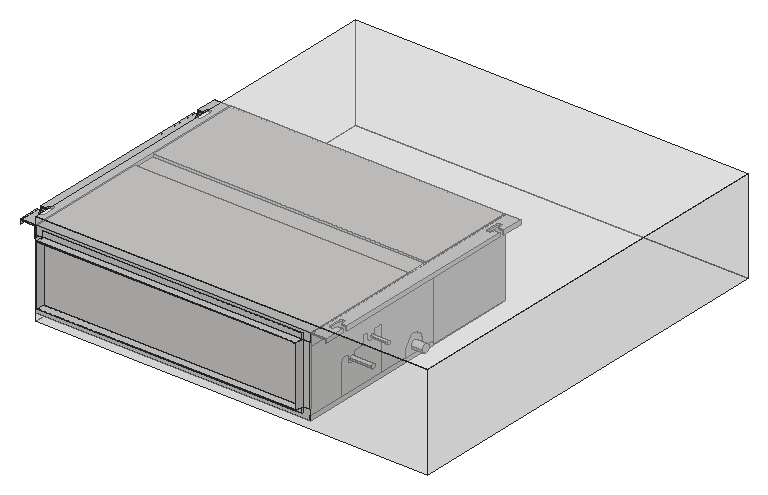
Revit family "outputfile", category 機械設備, Revit 2024
Family settings
  丸型コネクタ寸法 = 半径を使用
  パーツ タイプ = 標準
  OmniClass 番号 = 23.75.10.24.21.27.27
  OmniClass タイトル = Split System Air Conditioning Units
  作業面ベース = いいえ
  常に垂直 = はい
  ロード時にボイドで切り取り = いいえ
  注釈の向きを維持 = いいえ
  共有 = いいえ
  部屋計算ポイント = はい
Parameters (values of type "CDKP35PVM")
  Description = ""
  書き出し IFC クラス(タイプ) = "IfcUnitaryEquipmentType"
  定義済み IFC タイプ(タイプ) = "AIRCONDITIONINGUNIT"
  Cost = 0
  Type Comments = ""
  Keynote = ""
  Type Image = (empty or 0)
  Assembly Code = ""
  switch_frequency = yes
  ld_powersupply = Depth / 2  # 310.0 mm
  製造元 = "Daikin"
  モデル = "CDKP35PVM"
  r_Liquid Pipe Size = Liquid Pipe Size / 2  # 3.2 mm
  r_Gas Pipe Size = Gas Pipe Size / 2  # 4.75 mm
  r_Drain Pipe Size = Drain Pipe Size / 2  # 10.0 mm
  lw_powersupply = 50.0 mm  # constant formula
  lw_ductflange2 = 620.0 mm
  lw_Width = 660.0 mm
  lh_suctionflange [instance] = 100.0 mm  # constant formula
  ld_suctionflange [instance] = if(Rear Connection_Return Air, 190.0 mm, 100.0 mm)  # 190.0 mm
  connector_voltage = Voltage_50Hz  # 230 V
  connector_powerinput = [Power Input (Cooling)]  # 0.000 kW
  connector_phase = Phase_50Hz  # 1
  angle_vertical_RA [instance] = if(Rear Connection_Return Air, 90.00°, 0.00°)  # 90.00°
  angle horizontal_RA [instance] = if(Rear Connection_Return Air, 180.00°, 270.00°)  # 180.00°
  Voltage_comment_50Hz = "220 - 240"
  Voltage_50Hz = 230 V
  URL = ""
  Supply Air Direction [instance] = yes
  Sound Power Level_H speed (dB) = 0
  Rear Connection_Return Air [instance] = not(Bottom Connection_Return Air)  # yes
  RA_length [instance] = if(Rear Connection_Return Air, 190.0 mm, 100.0 mm)  # 190.0 mm
  Phase_50Hz = 1
  Minimum External Static Pressure = 0.00 Pa
  Minimum Circuit Amps_50Hz = 0.0 A
  Maximum Fuse Amps_50Hz = 0.0 A
  Maximum External Static Pressure = 30.00 Pa
  Material_Casing = DAIKIN_GalvanizedSteel_Casing_indoorunit
  lw_liquidpipe = 46.0 mm  # constant formula
  lw_gaspipe = 57.0 mm  # constant formula
  lw_mountinghole = 740.0 mm
  lw_drainpipe = 30.0 mm  # constant formula
  lh_powersupply = 150.0 mm  # constant formula
  lh_liquidpipe = 90.0 mm  # constant formula
  lh_gaspipe = 113.0 mm  # constant formula
  lh_mountinghole = Height  # 200.0 mm
  lh_drainpipe = 170.0 mm  # constant formula
  lh_antena = 1.0 mm  # constant formula
  ld_liquidpipe = 193.0 mm  # constant formula
  ld_gaspipe = 130.0 mm  # constant formula
  ld_mountinghole = 500.0 mm  # constant formula
  ld_drainpipe = 330.0 mm  # constant formula
  ld_controlbox = 626.0 mm  # constant formula
  h*** = 0.0 mm  # constant formula
  d_dischargeflange = 21.2 mm  # constant formula
  Width = 700.0 mm
  Version = "ver.1.0"
  Unit Type = "Duct (L.S.P)"
  Unit Mass Weight = 21.00 kg
  Unit Designation [instance] = ""
  Uniclass2015Version = "Products v1.30"
  Uniclass2015Title = "Split coil room air conditioning units"
  Uniclass2015Code = "Pr_70_65_03_86"
  Total Cooling Capacity [instance] = 0.000 kW
  Sound Pressure Level_M speed (dBA) = 33
  Sound Pressure Level_L speed (dBA) = 29
  Sound Pressure Level_H speed (dBA) = 35
  Series = "Multi Split_Fan Coil Unit"
  Sensible Cooling Capacity [instance] = 0.000 kW
  SA Duct Size Width = 660.0 mm
  SA Duct Size Height = 153.0 mm
  Refrigerant Type = "R32"
  RA Duct Size Width = 580.0 mm
  RA Duct Size Height = 160.0 mm
  Power Input (Cooling) = 0.000 kW
  Option Accessory 3 [instance] = ""
  Option Accessory 2 [instance] = ""
  Option Accessory 1 [instance] = ""
  Nominal Cooling Capacity = 3.500 kW
  Minimum Airflow = 438.00 m³/h
  Median Airflow = 480.00 m³/h
  Maximum Airflow = 522.00 m³/h
  Load Classification = HVAC
  Liquid Pipe Size = 6.4 mm
  Link_Nested Family [instance] = ""
  IfcVersion = ""
  IfcExportType = "AIRCONDITIONINGUNIT"
  IfcExportAs = "IfcUnitaryEquipmentType"
  Height = 200.0 mm
  Heat Exchanger Type = "Cross Fin Coil"
  Gas Pipe Size = 9.5 mm
  Frequency_50Hz = 50 Hz
  Fan Type = "Sirocco Fan"
  Fan Drive = "Direct Drive"
  FCU Tag No. [instance] = ""
  Drain Pipe Size = 20.0 mm
  Design Supply Airflow [instance] = 0.00 m³/h
  Design Return Airflow [instance] = 0.00 m³/h
  Design External Static Pressure [instance] = 0.00 Pa
  Depth = 620.0 mm
  既定の高さ = 0.0 mm
  Cooling Entering Wet Bulb Temperature [instance] = 0.00 °C
  Cooling Entering Dry Bulb Temperature [instance] = 0.00 °C
  Cooling Ambient Wet Bulb Temperature [instance] = 0.00 °C
  Cooling Ambient Dry Bulb Temperature [instance] = 0.00 °C
  Clearance visibility [instance] = yes
  Clearance Top = 20.0 mm
  Clearance Right = 300.0 mm
  Clearance Rear = 400.0 mm
  Clearance Left = 0.0 mm
  Clearance Front = 0.0 mm
  Clearance Bottom = 20.0 mm
  Bottom Connection_Return Air [instance] = no
Reference planes
  plane 1 "Center (Front/Back)": y = 0
  plane 2: z = 0
  plane 3 "Center (Left/Right)": x = 0
  plane 4 "Back": y = 310
  plane 5 "Front": y = -310
  plane 6 "Left": x = -350
  plane 7 "Right": x = 350
  plane 8 "Top": z = 0
  plane 9 "Bottom": z = -200
  plane 10: x = -370
  plane 11: x = 370
  plane 12: y = 250
  plane 13: z = 0
  plane 14 "Clearance Left": x = -350
  plane 15 "Clearance Right": x = 650
  plane 16 "Clearance Rear": y = 710
  plane 17 "Clearance Front": y = -310
  plane 18 "Clearance Top": z = 20
  plane 19 "Clearance Bottom": z = -220
  plane 20: y = -250
  plane 21: z = -21
  plane 22: z = -97.5
  plane 23: x = -40
  plane 24: y = 120
  plane 25: z = -100
  plane 26: y = -180
  plane 27: z = -113
  plane 28: y = -117
  plane 29: z = -90
  plane 30: y = 20
  plane 31: z = -170
  plane 32: x = 407
  plane 33: x = 396
  plane 34: x = 380
  plane 35: x = 300
  plane 36: z = -150
Forms (mm)
  Extrusion 1, solid, material "DAIKIN_GalvanizedSteel_Casing_indoorunit" <- "Material_Casing"
    sketch origin (0, 0, 0) x (1, 0, 0) y (0, 1, 0)
      loop
        line (-350, -310) -> (350, -310) -> (350, 310) -> (-350, 310) -> (-350, -310)
    from -200 to 0
  Extrusion 2, void
    sketch origin (0, 0, 1) x (1, 0, 0) y (0, 1, 0)
      loop
        line (-350, 61.5) -> (-350, 3.5) -> (350, 3.5) -> (350, 61.5) -> (-350, 61.5)
    from -1 to -7
  Extrusion 3, solid, material "DAIKIN_GalvanizedSteel_Casing_indoorunit" <- "Material_Casing", visible <- "Bottom Connection_Return Air"
    sketch origin (0, 0, 0) x (1, 0, 0) y (0, 0, 1)
      loop
        line (269, -200) -> (269, -1) -> (-349, -1) -> (-349, -200) -> (269, -200)
    from -310 to -309
  Extrusion 4, solid, material "DAIKIN_GalvanizedSteel_Casing_indoorunit" <- "Material_Casing", visible <- "Rear Connection_Return Air"
    sketch origin (0, 0, 0) x (1, 0, 0) y (0, 1, 0)
      loop
        line (-349, 310) -> (-349, 111) -> (269, 111) -> (269, 310) -> (-349, 310)
    from -200 to -199
  Extrusion 5, solid, material "DAIKIN_GalvanizedSteel_Casing_indoorunit" <- "Material_Casing"
    sketch origin (350, 0, 0) x (0, 1, 0) y (0, 0, 1)
      loop
        circle (-180, -113) r 4.75
    from 0 to 57
  Extrusion 6, solid, material "DAIKIN_GalvanizedSteel_Casing_indoorunit" <- "Material_Casing"
    sketch origin (350, 0, 0) x (0, 1, 0) y (0, 0, 1)
      loop
        circle (-117, -90) r 3.2
    from 0 to 46
  Extrusion 7, solid, material "DAIKIN_GalvanizedSteel_Casing_indoorunit" <- "Material_Casing"
    sketch origin (350, 0, 0) x (0, 1, 0) y (0, 0, 1)
      loop
        circle (20, -170) r 10
    from 0 to 30
  Extrusion 8, solid, material "DAIKIN_GalvanizedSteel_Casing_indoorunit" <- "Material_Casing"
    sketch origin (350, 0, 0) x (0, 1, 0) y (0, 0, 1)
      loop
        line (-310, -200) -> (78.6, -200) -> (78.6, -193)
        arc (78.6, -193) -> (77.721, -190.879) -> (75.6, -190) r 3
        line (75.6, -190) -> (-310, -190) -> (-310, -200)
    from 0 to -1
  Extrusion 9, solid, material "DAIKIN_GalvanizedSteel_Casing_indoorunit" <- "Material_Casing"
    sketch origin (350, 0, 0) x (0, 1, 0) y (0, 0, 1)
      loop
        line (-210, -190) -> (-85.6, -190) -> (-85.6, -83)
        arc (-85.6, -83) -> (-86.479, -80.879) -> (-88.6, -80) r 3
        line (-88.6, -80) -> (-102, -80)
        arc (-102, -80) -> (-104.121, -80.879) -> (-105, -83) r 3
        line (-105, -83) -> (-105, -90)
        arc (-105, -90) -> (-117, -102) -> (-129, -90) r 12
        line (-129, -90) -> (-129, -83)
        arc (-129, -83) -> (-129.879, -80.879) -> (-132, -80) r 3
        line (-132, -80) -> (-136.1, -80)
        arc (-136.1, -80) -> (-138.221, -80.879) -> (-139.1, -83) r 3
        line (-139.1, -83) -> (-139.1, -102.7) -> (-165, -102.7)
        arc (-165, -102.7) -> (-167.121, -103.579) -> (-168, -105.7) r 3
        line (-168, -105.7) -> (-168, -113)
        arc (-168, -113) -> (-180, -125) -> (-192, -113) r 12
        line (-192, -113) -> (-192, -105.7)
        arc (-192, -105.7) -> (-192.879, -103.579) -> (-195, -102.7) r 3
        line (-195, -102.7) -> (-207, -102.7)
        arc (-207, -102.7) -> (-209.121, -103.579) -> (-210, -105.7) r 3
        line (-210, -105.7) -> (-210, -190)
    from 0 to -1
  Extrusion 10, solid, material "DAIKIN_GalvanizedSteel_Casing_indoorunit" <- "Material_Casing"
    sketch origin (350, 0, 0) x (0, 1, 0) y (0, 0, 1)
      loop
        arc (44.5, -170) -> (20, -145.5) -> (-4.5, -170) r 24.5
        line (-4.5, -170) -> (-4.5, -190) -> (44.5, -190) -> (44.5, -170)
    from 0 to -1
  Extrusion 11, solid, material "DAIKIN_GalvanizedSteel_Casing_indoorunit" <- "Material_Casing"
    sketch origin (350, 0, 0) x (0, 1, 0) y (0, 0, 1)
      loop
        arc (86.6, -22) -> (84.479, -22.879) -> (83.6, -25) r 3
        line (83.6, -25) -> (83.6, -194.5)
        arc (83.6, -194.5) -> (84.479, -196.621) -> (86.6, -197.5) r 3
        line (86.6, -197.5) -> (307, -197.5)
        arc (307, -197.5) -> (309.121, -196.621) -> (310, -194.5) r 3
        line (310, -194.5) -> (310, -25)
        arc (310, -25) -> (309.121, -22.879) -> (307, -22) r 3
        line (307, -22) -> (86.6, -22)
    from 0 to -1
Cuts and joins
  Extrusion 2 cuts Extrusion 1
Dimensions and locks
  "Height": plane 8 "Top" to plane 9 "Bottom"
  equal spacing: plane 10, plane 3 "Center (Left/Right)", plane 11
  "lw_mountinghole": plane 10 to plane 11
  equal spacing: plane 6 "Left", plane 3 "Center (Left/Right)", plane 7 "Right"
  "Width": plane 6 "Left" to plane 7 "Right"
  "Clearance Right": plane 7 "Right" to plane 15 "Clearance Right"
  "Clearance Left": plane 14 "Clearance Left" to plane 6 "Left"
  "Clearance Rear": plane 16 "Clearance Rear" to plane 4 "Back"
  "Clearance Front": plane 5 "Front" to plane 17 "Clearance Front"
  "Clearance Top": plane 18 "Clearance Top" to plane 8 "Top"
  "Clearance Bottom": plane 9 "Bottom" to plane 19 "Clearance Bottom"
  "Depth": plane 4 "Back" to plane 5 "Front"
  equal spacing: plane 4 "Back", plane 1 "Center (Front/Back)", plane 5 "Front"
  Extrusion 3 sketch curve to Extrusion 3 sketch curve = 199.0 mm
  locked: plane 20 to plane 5 "Front" at 60
  "ld_mountinghole": plane 12 to plane 20
  locked: plane 8 "Top" to plane 21 at 21
  locked: plane 23 to plane 3 "Center (Left/Right)" at 40
  "ld_suctionflange": plane 4 "Back" to plane 24
  "lh_suctionflange": plane 8 "Top" to plane 25
  "ld_gaspipe": plane 26 to plane 5 "Front"
  "lh_gaspipe": plane 8 "Top" to plane 27
  "ld_liquidpipe": plane 28 to plane 5 "Front"
  "lh_liquidpipe": plane 8 "Top" to plane 29
  "ld_drainpipe": plane 30 to plane 5 "Front"
  "lh_drainpipe": plane 8 "Top" to plane 31
  "lw_gaspipe": plane 7 "Right" to plane 32
  "lw_liquidpipe": plane 7 "Right" to plane 33
  "lw_drainpipe": plane 7 "Right" to plane 34
  "lw_powersupply": plane 35 to plane 7 "Right"
  "lh_powersupply": plane 8 "Top" to plane 36
  "r_Gas Pipe Size": radius of Extrusion 5 sketch curve
  "r_Liquid Pipe Size": radius of Extrusion 6 sketch curve
  "r_Drain Pipe Size": radius of Extrusion 7 sketch curve
  aligned and locked: level to plane 2
  aligned and locked: Extrusion 1 to plane 9 "Bottom"
  aligned and locked: plane 8 "Top" to Extrusion 1
  aligned and locked: plane 11 to nested 2
  aligned and locked: plane 10 to nested 3
  aligned and locked: plane 10 to nested 4
  aligned and locked: plane 8 "Top" to Extrusion 2
  aligned and locked: plane 9 "Bottom" to Extrusion 4  (x2)
  aligned and locked: plane 7 "Right" to cut or joined group of Extrusion 1, Extrusion 2  (x2)
  aligned and locked: plane 3 "Center (Left/Right)" to nested 9
  aligned and locked: plane 6 "Left" to nested 7
  aligned and locked: plane 8 "Top" to nested 9
  aligned and locked: plane 11 to nested 1
  aligned and locked: nested 6 to plane 1 "Center (Front/Back)"
  aligned and locked: plane 3 "Center (Left/Right)" to nested 6
  aligned and locked: level to plane 8 "Top"
  aligned and locked: plane 1 "Center (Front/Back)" to nested 9
  aligned and locked: plane 5 "Front" to nested 10
  aligned and locked: Extrusion 1 sketch curve to plane 5 "Front"
  aligned and locked: plane 21 to nested 10
  aligned and locked: nested 5 to plane 5 "Front"
  aligned and locked: plane 3 "Center (Left/Right)" to nested 5
  aligned and locked: plane 22 to nested 5
  aligned and locked: Extrusion 2 sketch curve to plane 6 "Left"
  aligned and locked: plane 7 "Right" to Extrusion 2 sketch curve
  aligned and locked: nested 11 to plane 23
  aligned and locked: nested 11 to plane 24
  aligned and locked: plane 27 to Extrusion 5 sketch curve
  aligned and locked: plane 26 to Extrusion 5 sketch curve
  aligned and locked: plane 28 to Extrusion 6 sketch curve
  aligned and locked: plane 29 to Extrusion 6 sketch curve
  aligned and locked: plane 31 to Extrusion 7 sketch curve
  aligned and locked: plane 30 to Extrusion 7 sketch curve
  aligned and locked: plane 26 to nested 12
  aligned and locked: nested 12 to plane 27
  aligned and locked: plane 32 to Extrusion 5
  aligned and locked: plane 32 to nested 12
  aligned and locked: plane 33 to Extrusion 6
  aligned and locked: plane 28 to nested 13
  aligned and locked: nested 13 to plane 29
  aligned and locked: plane 33 to nested 13
  aligned and locked: plane 34 to Extrusion 7
  aligned and locked: plane 30 to nested 14
  aligned and locked: nested 14 to plane 31
  aligned and locked: plane 34 to nested 14
  aligned and locked: Extrusion 8 sketch curve to plane 9 "Bottom"
  aligned and locked: Extrusion 8 sketch curve to plane 5 "Front"
  aligned and locked: plane 14 "Clearance Left" to nested 15
  aligned and locked: plane 15 "Clearance Right" to nested 15
  aligned and locked: plane 16 "Clearance Rear" to nested 15
  aligned and locked: nested 15 to plane 17 "Clearance Front"
  aligned and locked: nested 15 to plane 18 "Clearance Top"
  aligned and locked: nested 15 to plane 19 "Clearance Bottom"
  aligned and locked: nested 16 to plane 35
  aligned and locked: nested 16 to plane 36
  aligned and locked: plane 4 "Back" to nested 16
Automatic sketch dimensions
  Extrusion 1 sketch curve to plane 4 "Back" = 0.0 mm
  Extrusion 1 sketch curve to plane 6 "Left" = 0.0 mm
  Extrusion 1 sketch curve to plane 7 "Right" = 0.0 mm
  Extrusion 4 sketch curve to plane 4 "Back" = 0.0 mm
  plane 6 "Left" to Extrusion 3 sketch curve = 1.0 mm
  plane 6 "Left" to Extrusion 4 sketch curve = 1.0 mm
  Extrusion 4 sketch curve to plane 1 "Center (Front/Back)" = 111.0 mm
  Extrusion 3 sketch curve to plane 9 "Bottom" = 0.0 mm
  Extrusion 3 sketch curve to plane 7 "Right" = 81.0 mm
  Extrusion 4 sketch curve to plane 7 "Right" = 81.0 mm
  Extrusion 2 sketch curve to plane 1 "Center (Front/Back)" = 3.5 mm
  Extrusion 2 sketch curve to Extrusion 2 sketch curve = 58.0 mm
  plane 9 "Bottom" to Extrusion 8 sketch curve = 7.0 mm
  Extrusion 8 sketch curve to plane 24 = 44.4 mm
  Extrusion 8 sketch curve to Extrusion 8 sketch curve = 3.0 mm
  Extrusion 9 sketch curve to plane 27 = 0.0 mm
  Extrusion 9 sketch curve to plane 26 = 0.0 mm
  Extrusion 9 sketch curve to plane 29 = 0.0 mm
  Extrusion 9 sketch curve to plane 28 = 0.0 mm
  Extrusion 9 sketch curve to plane 26 = 12.0 mm
  Extrusion 9 sketch curve to plane 25 = 2.7 mm  (x2)
  Extrusion 9 sketch curve to Extrusion 9 sketch curve = 3.0 mm  (x6)
  Extrusion 9 sketch curve to Extrusion 9 sketch curve = 12.0 mm
  plane 9 "Bottom" to Extrusion 9 sketch curve = 10.0 mm
  Extrusion 9 sketch curve to plane 26 = 30.0 mm
  Extrusion 9 sketch curve to plane 28 = 22.1 mm
  Extrusion 9 sketch curve to Extrusion 9 sketch curve = 4.1 mm
  plane 29 to Extrusion 9 sketch curve = 7.0 mm  (x2)
  Extrusion 9 sketch curve to Extrusion 9 sketch curve = 13.4 mm
  Extrusion 10 sketch curve to plane 30 = 0.0 mm
  Extrusion 10 sketch curve to plane 31 = 0.0 mm
  plane 1 "Center (Front/Back)" to Extrusion 10 sketch curve = 4.5 mm
  plane 9 "Bottom" to Extrusion 10 sketch curve = 10.0 mm
  Extrusion 11 sketch curve to plane 4 "Back" = 0.0 mm
  Extrusion 11 sketch curve to Extrusion 11 sketch curve = 3.0 mm  (x3)
  Extrusion 11 sketch curve to plane 21 = 1.0 mm
  Extrusion 11 sketch curve to plane 21 = 4.0 mm
  Extrusion 11 sketch curve to plane 24 = 33.4 mm
  plane 9 "Bottom" to Extrusion 11 sketch curve = 5.5 mm
Nested families
  nested 1: "daikin_mountinghole" at (370, 250, -200), l_antenna <- "lh_antena", Link_Nested Family <- "Link_Nested Family", h_mountinghole <- "lh_mountinghole", type "daikin_mountinghole"
    with show yes, l_antenna 1.0 mm, h_mountinghole 200.0 mm, Link_Nested Family ""
  nested 2: "daikin_mountinghole" at (370, -250, -200), Link_Nested Family <- "Link_Nested Family", l_antenna <- "lh_antena", h_mountinghole <- "lh_mountinghole", type "daikin_mountinghole"
    with show yes, l_antenna 1.0 mm, h_mountinghole 200.0 mm, Link_Nested Family ""
  nested 3: "daikin_mountinghole" at (-370, -250, -200), l_antenna <- "lh_antena", Link_Nested Family <- "Link_Nested Family", h_mountinghole <- "lh_mountinghole", type "daikin_mountinghole"
    with show yes, l_antenna 1.0 mm, h_mountinghole 200.0 mm, Link_Nested Family ""
  nested 4: "daikin_mountinghole" at (-370, 250, -200), l_antenna <- "lh_antena", Link_Nested Family <- "Link_Nested Family", h_mountinghole <- "lh_mountinghole", type "daikin_mountinghole"
    with show yes, l_antenna 1.0 mm, h_mountinghole 200.0 mm, Link_Nested Family ""
  nested 5: "daikin_connector_rotate2" at (0, -310, -97.5), length <- "d_dischargeflange", type "daikin_connector_rotate2"
    with radius 10.0 mm, length 21.2 mm, angle_vertical 90.00°, show_face no
  nested 6: "daikin_△_symbolicline" at (-75, -129.904, 200) x (-0.5, 0.866, 0) z (0, 0, 1), built-in parameter 1001364 <- "Height", visible <- "Supply Air Direction", type "daikin_△_symbolicline"
    with length 300.0 mm
  nested 7: "daikin_ductflange_CDKP-PVM_1" at (-40, 310, -100), visible <- "Rear Connection_Return Air", material <- "Material_Casing", width <- "lw_ductflange2", type "daikin_ductflange_CDKP-PVM_1"
    with width 620.0 mm, material DAIKIN_GalvanizedSteel_Casing_indoorunit, height 180.0 mm, depth 21.2 mm
  nested 8: "daikin_ductflange_CDKP-PVM_1" at (-40, 210, -200) x (1, 0, 0) z (0, 1, 0), visible <- "Bottom Connection_Return Air", material <- "Material_Casing", width <- "lw_ductflange2", type "daikin_ductflange_CDKP-PVM_1"
    with width 620.0 mm, material DAIKIN_GalvanizedSteel_Casing_indoorunit, height 180.0 mm, depth 21.2 mm
  nested 9: "daikin_hangerfixture_CDKP-PVM" at (0, 0, 0), type "daikin_hangerfixture_CDKP-PVM"
  nested 10: "daikin_ductflange_CDKP-PVM" at (0, 3.5, -364.201), width <- "lw_Width", material <- "Material_Casing", type "daikin_ductflange_CDKP-PVM"
    with width 660.0 mm, material DAIKIN_GalvanizedSteel_Casing_indoorunit, height 155.0 mm, depth 21.2 mm
  nested 11: "daikin_connector_rotate3" at (-40, 120, -100), length <- "RA_length", angle_vertical <- "angle_vertical_RA", angle_horizontal <- "angle horizontal_RA", type "daikin_connector_rotate3"
    with show no, radius 10.0 mm, length 190.0 mm, angle_vertical 90.00°, angle_horizontal 180.00°
  nested 12: "daikin_connector_rotate2" at (350, -180, -113) x (0, 1, 0) z (0, 0, 1), length <- "lw_gaspipe", radius <- "r_Gas Pipe Size", type "daikin_connector_rotate2"
    with radius 4.75 mm, length 57.0 mm, angle_vertical 90.00°, show_face no
  nested 13: "daikin_connector_rotate2" at (350, -117, -90) x (0, 1, 0) z (0, 0, 1), radius <- "r_Liquid Pipe Size", length <- "lw_liquidpipe", type "daikin_connector_rotate2"
    with radius 3.2 mm, length 46.0 mm, angle_vertical 90.00°, show_face no
  nested 14: "daikin_connector_rotate2" at (350, 20, -170) x (0, 1, 0) z (0, 0, 1), radius <- "r_Drain Pipe Size", length <- "lw_drainpipe", type "daikin_connector_rotate2"
    with radius 10.0 mm, length 30.0 mm, angle_vertical 90.00°, show_face no
  nested 15: "daikin_clearancespace" at (150, 200, -99.881), visible <- "Clearance visibility", Link_Nested Family <- "Link_Nested Family", show <- "Clearance visibility", type "daikin_clearancespace"
    with width 1000.0 mm, show yes, height 240.0 mm, depth 1020.0 mm, Link_Nested Family ""
  nested 16: "daikin_connector_rotate2" at (300, 0, -150) x (-1, 0, 0) z (0, 0, 1), length <- "ld_powersupply", type "daikin_connector_rotate2"
    with radius 10.0 mm, length 310.0 mm, angle_vertical 90.00°, show_face no
Connectors
  hvac at (0, -331.2, -97.5), driven by "SA Duct Size Height", driven by "SA Duct Size Width"
    settings: on nested 5, index 1, duct flow 0.00 m³/h, flow factor 0, pres drop 0.00 Pa, loss coef 0, conn angle 0.00°, conn width 660.0 mm, conn height 153.0 mm, conn diameter 609.6 mm, duct sys type 1, conn prof type 1, flow config 0, flow direction 2, loss method 4, conn ref index -1, conn util no, is conn primary yes, conn desc "SA Duct"
  hvac at (-40, 310, -100), driven by "RA Duct Size Height", driven by "RA Duct Size Width"
    settings: on nested 11, index 2, duct flow 0.00 m³/h, flow factor 0, pres drop 0.00 Pa, loss coef 0, conn angle 0.00°, conn width 580.0 mm, conn height 160.0 mm, conn diameter 609.6 mm, duct sys type 2, conn prof type 1, flow config 0, flow direction 1, loss method 4, conn ref index -1, conn util no, is conn primary no, conn desc "RA Duct"
  piping at (407, -180, -113), diameter 9.5, driven by "r_Gas Pipe Size"
    settings: on nested 12, index 3, connector inside diameter 609.6 mm, connector length 0.0 mm, flow factor 0, pipe flow 0.00 m³/h, pressure drop 0.0 Pa, fitting loss kfactor 0, connector angle 0.00°, fixture units 0, engagement length 0.0 mm, angle of deflection 0.00°, flow configuration 1, flow direction 2, fitting loss method 0, system type 29, joint type 0, gender type 0, connector reference index -1, connector utility 0, adjustable connector no, is connector primary yes, connector description "Refrigerant Gas Piping"
  piping at (396, -117, -90), diameter 6.4, driven by "r_Liquid Pipe Size"
    settings: on nested 13, index 4, connector inside diameter 609.6 mm, connector length 0.0 mm, flow factor 0, pipe flow 0.00 m³/h, pressure drop 0.0 Pa, fitting loss kfactor 0, connector angle 0.00°, fixture units 0, engagement length 0.0 mm, angle of deflection 0.00°, flow configuration 1, flow direction 1, fitting loss method 0, system type 29, joint type 0, gender type 0, connector reference index -1, connector utility 0, adjustable connector no, is connector primary no, connector description "Refrigerant Liquid Piping"
  piping at (380, 20, -170), diameter 20, driven by "r_Drain Pipe Size"
    settings: on nested 14, index 5, connector inside diameter 609.6 mm, connector length 0.0 mm, flow factor 0, pipe flow 0.00 m³/h, pressure drop 0.0 Pa, fitting loss kfactor 0, connector angle 0.00°, fixture units 0, engagement length 0.0 mm, angle of deflection 0.00°, flow configuration 1, flow direction 2, fitting loss method 4, system type 16, joint type 0, gender type 0, connector reference index -1, connector utility 0, adjustable connector no, is connector primary no, connector description "Condensate Drain Piping"
  electrical at (300, 310, -150), driven by "Load Classification", driven by "connector_phase", driven by "connector_voltage", driven by "connector_powerinput"
    settings: on nested 16, index 6, voltage 230 V, apparent load 0 VA, apparent load phase1 0 VA, apparent load phase2 0 VA, apparent load phase3 0 VA, power factor 1, load classification "HVAC", number of poles 1, system type 30, power factor state 1, is connector primary yes, connector utility no, sub classification motor no, connector description "Power Supply"
Definition of nested family "daikin_ductflange_CDKP-PVM_1"
  Parameters (values of type "daikin_ductflange_CDKP-PVM_1")
    width [instance] = 620.0 mm
    material [instance] = none
    height [instance] = 180.0 mm
    depth [instance] = 21.2 mm
    Default Elevation = 0.0 mm
  Reference planes
    plane 1 "Center (Front/Back)": y = 0
    plane 2: z = 0
    plane 3 "Center (Left/Right)": x = 0
    plane 4: x = -310
    plane 5: x = 310
    plane 6: z = 90
    plane 7: z = -90
    plane 8: z = 100
    plane 9: z = -100
    plane 10: x = -309
    plane 11: x = 309
  Forms (mm)
    Extrusion 1, solid, material <- "material"
      sketch origin (0, 0, 0) x (1, 0, 0) y (0, 0, 1)
        loop
          line (-290, 80) -> (-290, -80) -> (290, -80) -> (290, 80) -> (-290, 80)
        loop
          line (-309, -99) -> (309, -99) -> (309, 99) -> (-309, 99) -> (-309, -99)
      from 0 to 1
  Dimensions and locks
    equal spacing: plane 5, plane 3 "Center (Left/Right)", plane 4, locked at 310 each
    "width": plane 5 to plane 4
    equal spacing: plane 6, level, plane 7, locked at 90 each
    "height": plane 6 to plane 7
    equal spacing: plane 8, level, plane 9, locked at 100 each
    locked: plane 8 to plane 9 at 200
    plane 10 to plane 4 = 1.0 mm
    locked: plane 5 to plane 11 at 1
    locked: Extrusion 1 sketch curve to Extrusion 1 sketch curve at 19  (x4)
    locked: plane 8 to Extrusion 1 sketch curve at 1
    locked: Extrusion 1 sketch curve to plane 9 at 1
    aligned and locked: level to plane 2
  Automatic sketch dimensions
    plane 4 to Extrusion 1 sketch curve = 1.0 mm
    Extrusion 1 sketch curve to plane 5 = 1.0 mm
Definition of nested family "daikin_hangerfixture_CDKP-PVM"
  Parameters (values of type "daikin_hangerfixture_CDKS-EAVMA")
    width = 700.0 mm
    material = none
    height = 30.0 mm
    depth = 618.0 mm
    Default Elevation = 0.0 mm
  Reference planes
    plane 1 "Center (Front/Back)": y = 0
    plane 2: z = 0
    plane 3 "Center (Left/Right)": x = 0
    plane 4: x = 350
    plane 5: y = 309
    plane 6: y = -309
    plane 7: x = -350
    plane 8: z = -30
  Forms (mm)
    Extrusion 1, solid, material <- "material"
      sketch origin (0, 0, 0) x (1, 0, 0) y (0, 0, 1)
        loop
          line (350, 0) -> (350, -30) -> (352.3, -30) -> (352.3, -2.3) -> (387.7, -2.3) -> (387.7, -10) -> (390, -10) -> (390, 0) -> (350, 0)
      from -309 to 309
    Extrusion 2, void
      sketch origin (0, 0, 0) x (0, 1, 0) y (0, 0, 1)
        loop
          line (309, -30) -> (309, -17.979) -> (87.935, -17.979) -> (75.914, -30) -> (309, -30)
      from 0 to 450
    Extrusion 3, void
      sketch origin (0, 0, 0) x (1, 0, 0) y (0, 1, 0)
        loop
          line (390, -243.5) -> (377, -243.5) -> (377, -237)
          arc (377, -237) -> (370, -230) -> (363, -237) r 7
          line (363, -237) -> (363, -263)
          arc (363, -263) -> (370, -270) -> (377, -263) r 7
          line (377, -263) -> (377, -256.5) -> (390, -256.5) -> (390, -243.5)
        loop
          line (390, 243.5) -> (390, 256.5) -> (377, 256.5) -> (377, 263)
          arc (377, 263) -> (370, 270) -> (363, 263) r 7
          line (363, 263) -> (363, 237)
          arc (363, 237) -> (370, 230) -> (377, 237) r 7
          line (377, 237) -> (377, 243.5) -> (390, 243.5)
      from -254.96 to 618
    Extrusion 4, solid, material <- "material"
      sketch origin (0, 0, 0) x (-1, 0, 0) y (0, 0, -1)
        loop
          line (350, 0) -> (390, 0) -> (390, 10) -> (387.7, 10) -> (387.7, 2.3) -> (352.3, 2.3) -> (352.3, 30) -> (350, 30) -> (350, 0)
      from -309 to 309
    Extrusion 5, void
      sketch origin (0, 0, 0) x (-1, 0, 0) y (0, -1, 0)
        loop
          line (390, 243.5) -> (390, 256.5) -> (377, 256.5) -> (377, 263)
          arc (377, 263) -> (370, 270) -> (363, 263) r 7
          line (363, 263) -> (363, 237)
          arc (363, 237) -> (370, 230) -> (377, 237) r 7
          line (377, 237) -> (377, 243.5) -> (390, 243.5)
        loop
          line (390, -243.5) -> (377, -243.5) -> (377, -237)
          arc (377, -237) -> (370, -230) -> (363, -237) r 7
          line (363, -237) -> (363, -263)
          arc (363, -263) -> (370, -270) -> (377, -263) r 7
          line (377, -263) -> (377, -256.5) -> (390, -256.5) -> (390, -243.5)
      from -254.96 to 618
  Cuts and joins
    Extrusion 2, Extrusion 3, Extrusion 5 cuts Extrusion 1
    Extrusion 5 cuts Extrusion 4
  Dimensions and locks
    equal spacing: plane 5, plane 1 "Center (Front/Back)", plane 6
    "depth": plane 5 to plane 6
    plane 6 to plane 1 "Center (Front/Back)" to plane 5 = 309.0 mm, 309.0 mm
    equal spacing: plane 4, plane 3 "Center (Left/Right)", plane 7
    "width": plane 4 to plane 7
    "height": level to plane 8
    aligned and locked: level to plane 2
    aligned and locked: plane 5 to Extrusion 1
    aligned and locked: Extrusion 1 to plane 6
    aligned and locked: Extrusion 1 to plane 4
    aligned and locked: plane 5 to cut or joined group of Extrusion 1, Extrusion 2, Extrusion 3, Extrusion 5
    aligned and locked: cut or joined group of Extrusion 1, Extrusion 2, Extrusion 3, Extrusion 5 to plane 6
    aligned and locked: level to cut or joined group of Extrusion 1, Extrusion 2, Extrusion 3, Extrusion 5
    aligned and locked: cut or joined group of Extrusion 1, Extrusion 2, Extrusion 3, Extrusion 5 to plane 8
    aligned and locked: plane 5 to cut or joined group of Extrusion 4, Extrusion 5
    aligned and locked: cut or joined group of Extrusion 4, Extrusion 5 to plane 6
  Automatic sketch dimensions
    Extrusion 1 sketch curve to plane 4 = 0.0 mm
    Extrusion 1 sketch curve to plane 8 = 0.0 mm
    Extrusion 1 sketch curve to level = 0.0 mm
    plane 4 to Extrusion 1 sketch curve = 2.3 mm
    Extrusion 1 sketch curve to level = 2.3 mm
    Extrusion 1 sketch curve to Extrusion 1 sketch curve = 35.4 mm
    Extrusion 1 sketch curve to Extrusion 1 sketch curve = 2.3 mm
    Extrusion 1 sketch curve to Extrusion 1 sketch curve = 7.7 mm
    Extrusion 2 sketch curve to plane 8 = 0.0 mm
    Extrusion 2 sketch curve to plane 5 = 0.0 mm
    plane 8 to Extrusion 2 sketch curve = 12.021 mm
    Extrusion 2 sketch curve to plane 1 "Center (Front/Back)" = 87.935 mm
    Extrusion 2 sketch curve to Extrusion 2 sketch curve = 12.021 mm
    plane 4 to Extrusion 3 sketch curve = 13.0 mm  (x2)
    Extrusion 3 sketch curve to Extrusion 3 sketch curve = 7.0 mm  (x4)
    Extrusion 3 sketch curve to Extrusion 3 sketch curve = 13.0 mm  (x4)
    plane 6 to Extrusion 3 sketch curve = 46.0 mm
    Extrusion 3 sketch curve to Extrusion 3 sketch curve = 6.5 mm  (x4)
    Extrusion 3 sketch curve to plane 5 = 72.0 mm
    Extrusion 4 sketch curve to plane 7 = 0.0 mm
    Extrusion 4 sketch curve to plane 8 = 0.0 mm
    Extrusion 4 sketch curve to level = 0.0 mm
    Extrusion 4 sketch curve to plane 7 = 2.3 mm
    Extrusion 4 sketch curve to level = 2.3 mm
    Extrusion 4 sketch curve to Extrusion 4 sketch curve = 35.4 mm
    Extrusion 4 sketch curve to Extrusion 4 sketch curve = 2.3 mm
    Extrusion 4 sketch curve to Extrusion 4 sketch curve = 7.7 mm
    Extrusion 5 sketch curve to plane 7 = 13.0 mm  (x2)
    Extrusion 5 sketch curve to Extrusion 5 sketch curve = 7.0 mm  (x4)
    Extrusion 5 sketch curve to Extrusion 5 sketch curve = 13.0 mm  (x4)
    Extrusion 5 sketch curve to plane 5 = 46.0 mm
    Extrusion 5 sketch curve to Extrusion 5 sketch curve = 6.5 mm  (x4)
    plane 6 to Extrusion 5 sketch curve = 72.0 mm
Definition of nested family "daikin_ductflange_CDKP-PVM"
  Parameters (values of type "daikin_ductflange_FXDQ-NDVET")
    width [instance] = 660.0 mm
    material [instance] = none
    height [instance] = 155.0 mm
    depth [instance] = 21.2 mm
    Default Elevation = 0.0 mm
  Reference planes
    plane 1 "Center (Front/Back)": y = 0
    plane 2: z = 189.201
    plane 3 "Center (Left/Right)": x = 0
    plane 4: y = -313.5
    plane 5: x = -330
    plane 6: x = 330
    plane 7: y = -334.7
    plane 8: z = 344.201
    plane 9: z = 266.701
    plane 10: z = 343.201
    plane 11: z = 190.201
  Forms (mm)
    Extrusion 1, solid, material <- "material"
      sketch origin (0, 0, 189.201) x (1, 0, 0) y (0, 1, 0)
        loop
          line (-330, -334.7) -> (-330, -313.5) -> (-350, -313.5) -> (-350, -314.5) -> (-331, -314.5) -> (-331, -334.7) -> (-330, -334.7)
        loop
          line (330, -334.7) -> (331, -334.7) -> (331, -314.5) -> (350, -314.5) -> (350, -313.5) -> (330, -313.5) -> (330, -334.7)
      from 1 to 154
    Extrusion 2, solid, material <- "material"
      sketch origin (0, 0, 0) x (0, 1, 0) y (0, 0, 1)
        loop
          line (-313.5, 343.201) -> (-313.5, 358.201) -> (-314.5, 358.201) -> (-314.5, 344.201) -> (-334.7, 344.201) -> (-334.7, 343.201) -> (-313.5, 343.201)
        loop
          line (-313.5, 190.201) -> (-334.7, 190.201) -> (-334.7, 189.201) -> (-314.5, 189.201) -> (-314.5, 175.201) -> (-313.5, 175.201) -> (-313.5, 190.201)
      from -330 to 330
  Dimensions and locks
    plane 4 to plane 1 "Center (Front/Back)" = 313.5 mm
    "depth": plane 7 to plane 4
    equal spacing: plane 8, plane 9, level
    "height": plane 8 to level
    equal spacing: plane 6, plane 3 "Center (Left/Right)", plane 5
    "width": plane 6 to plane 5
    locked: plane 8 to plane 10 at 1
    locked: plane 11 to level at 1
    locked: Extrusion 1 to Extrusion 2 sketch curve at 1
    locked: Extrusion 2 sketch curve to Extrusion 1 at 1
    plane 10 to plane 11 = 153.0 mm
    aligned and locked: level to plane 2
    aligned and locked: Extrusion 2 to plane 5
    aligned and locked: Extrusion 2 to plane 11
    aligned and locked: Extrusion 2 to plane 10
    aligned and locked: plane 6 to Extrusion 2
    aligned and locked: plane 5 to Extrusion 2  (x2)
    aligned and locked: plane 5 to Extrusion 1  (x2)
    aligned and locked: Extrusion 1 to plane 6
    aligned and locked: plane 6 to Extrusion 1
    aligned and locked: Extrusion 1 to plane 10
  Automatic sketch dimensions
    Extrusion 2 sketch curve to plane 7 = 0.0 mm  (x2)
    Extrusion 2 sketch curve to plane 4 = 0.0 mm  (x2)
    Extrusion 2 sketch curve to plane 11 = 0.0 mm
    Extrusion 2 sketch curve to plane 10 = 0.0 mm
    Extrusion 2 sketch curve to plane 4 = 1.0 mm  (x2)
    Extrusion 2 sketch curve to level = 14.0 mm
    plane 8 to Extrusion 2 sketch curve = 14.0 mm
    Extrusion 1 sketch curve to plane 4 = 0.0 mm  (x2)
    Extrusion 1 sketch curve to plane 7 = 0.0 mm  (x2)
    Extrusion 1 sketch curve to plane 5 = 0.0 mm
    Extrusion 1 sketch curve to plane 6 = 0.0 mm
    Extrusion 1 sketch curve to plane 5 = 1.0 mm
    Extrusion 1 sketch curve to Extrusion 1 sketch curve = 19.0 mm  (x2)
    Extrusion 1 sketch curve to Extrusion 1 sketch curve = 1.0 mm
    Extrusion 1 sketch curve to plane 4 = 1.0 mm  (x2)
Definition of nested family "daikin_clearancespace"
  Parameters (values of type "daikin_clearancespace")
    Description = "daikin_clearancespace"
    width [instance] = 1823.963 mm
    show [instance] = yes
    material = none
    height [instance] = 1359.762 mm
    depth [instance] = 880.0 mm
    Default Elevation = 0.0 mm
    Link_Nested Family [instance] = ""
  Reference planes
    plane 1 "Center (Front/Back)": y = 0
    plane 2 "Center (Elevation)": z = -0.119
    plane 3 "Center (Left/Right)": x = 0
    plane 4: y = 440
    plane 5: y = -440
    plane 6 "Right": x = 911.982
    plane 7 "Left": x = -911.982
    plane 8 "Top": z = 679.762
    plane 9 "Bottom": z = -680
  Forms (mm)
    Extrusion 1, solid, material <- "material", visible <- "show"
      sketch origin (0, 0, 0) x (1, 0, 0) y (0, 1, 0)
        loop
          line (-911.982, 440) -> (-911.982, -440) -> (911.982, -440) -> (911.982, 440) -> (-911.982, 440)
      from -680 to 679.762
  Lines and regions (mm)
    symbolic lines, visible <- "show"
      curve 1: line (911.982, 440, 0) -> (-911.982, 440, 0)
      curve 2: line (-911.982, 440, 0) -> (-911.982, -440, 0)
      curve 3: line (-911.982, -440, 0) -> (911.982, -440, 0)
      curve 4: line (911.982, -440, 0) -> (911.982, 440, 0)
      curve 5: line (911.982, 0, 679.762) -> (-911.982, 0, 679.762)
      curve 6: line (911.982, 0, -680) -> (911.982, 0, 679.762)
      curve 7: line (-911.982, 0, -680) -> (911.982, 0, -680)
      curve 8: line (-911.982, 0, 679.762) -> (-911.982, 0, -680)
      curve 9: line (0, 440, 679.762) -> (0, -440, 679.762)
      curve 10: line (0, -440, 679.762) -> (0, -440, -680)
      curve 11: line (0, 440, -680) -> (0, 440, 679.762)
      curve 12: line (0, -440, -680) -> (0, 440, -680)
  Dimensions and locks
    "width": plane 7 "Left" to plane 6 "Right"
    "depth": plane 4 to plane 5
    "height": plane 8 "Top" to plane 9 "Bottom"
    equal spacing: plane 7 "Left", plane 3 "Center (Left/Right)", plane 6 "Right"
    equal spacing: plane 4, plane 1 "Center (Front/Back)", plane 5
    equal spacing: plane 8 "Top", plane 2 "Center (Elevation)", plane 9 "Bottom"
    aligned and locked: level to plane 2 "Center (Elevation)"
    aligned and locked: Extrusion 1 sketch curve to plane 4
    aligned and locked: plane 7 "Left" to Extrusion 1 sketch curve
    aligned and locked: Extrusion 1 sketch curve to plane 5
    aligned and locked: Extrusion 1 sketch curve to plane 6 "Right"
    aligned and locked: plane 8 "Top" to Extrusion 1
    aligned and locked: curve 1 to Extrusion 1
    aligned and locked: curve 2 to Extrusion 1
    aligned and locked: curve 3 to Extrusion 1
    aligned and locked: curve 4 to Extrusion 1
    aligned and locked: curve 5 to Extrusion 1
    aligned and locked: curve 6 to Extrusion 1
    aligned and locked: curve 7 to Extrusion 1
    aligned and locked: curve 8 to Extrusion 1
    aligned and locked: curve 9 to Extrusion 1
    aligned and locked: curve 10 to Extrusion 1
    aligned and locked: curve 11 to Extrusion 1
    aligned and locked: curve 12 to Extrusion 1
    aligned and locked: Extrusion 1 to plane 9 "Bottom"
Definition of nested family "daikin_mountinghole"
  Parameters (values of type "daikin_mountinghole")
    Default Elevation = 1219.2 mm
    Type Comments = "mountinghole"
    show [instance] = yes
    material = none
    l_centerline = 100.0 mm
    l_antenna [instance] = 100.0 mm
    h_mountinghole [instance] = 0.0 mm
    d_circle = 30.0 mm
    Link_Nested Family [instance] = ""
  Reference planes
    plane 1 "Center (Front/Back)": y = 0
    plane 2: z = 0
    plane 3 "Center (Left/Right)": x = 0
    plane 4: y = 50
    plane 5: x = -50
    plane 6: x = 50
    plane 7: y = -50
    plane 8 "h_mountinghole": z = 0
    plane 9: z = 100
  Lines and regions (mm)
    model lines, detail levels fine
      curve 1: circle (0, 0, 0) r 15 normal (0, 0, 1)
      curve 2: line (-50, 0, 0) -> (50, 0, 0)
      curve 3: line (0, 50, 0) -> (0, -50, 0)
    symbolic lines, detail levels fine
      curve 4: circle (0, 0, 0) r 15 normal (0, 0, 1)
      curve 5: line (-50, 0, 0) -> (50, 0, 0)
      curve 6: line (0, 50, 0) -> (0, -50, 0)
    model lines
      curve 7: line (0, 0, 100) -> (0, 0, 0)
  Dimensions and locks
    equal spacing: plane 4, plane 1 "Center (Front/Back)", plane 7
    "l_centerline": plane 4 to plane 7
    equal spacing: plane 5, plane 3 "Center (Left/Right)", plane 6
    "l_centerline": plane 5 to plane 6
    "l_antenna": plane 9 to plane 8 "h_mountinghole"
    "h_mountinghole": plane 8 "h_mountinghole" to plane 2
    "d_circle": diameter of curve 1
    "d_circle": diameter of curve 4
    aligned and locked: level to plane 2
    aligned and locked: plane 1 "Center (Front/Back)" to curve 1
    aligned and locked: plane 3 "Center (Left/Right)" to curve 1
    aligned and locked: plane 1 "Center (Front/Back)" to curve 2
    aligned and locked: curve 3 to plane 3 "Center (Left/Right)"
    aligned and locked: plane 6 to curve 2
    aligned and locked: plane 5 to curve 2
    aligned and locked: plane 4 to curve 3
    aligned and locked: plane 7 to curve 3
    aligned and locked: plane 1 "Center (Front/Back)" to curve 4
    aligned and locked: plane 3 "Center (Left/Right)" to curve 4
    aligned and locked: plane 6 to curve 5
    aligned and locked: plane 5 to curve 5
    aligned and locked: plane 1 "Center (Front/Back)" to curve 5
    aligned and locked: plane 4 to curve 6
    aligned and locked: plane 7 to curve 6
    aligned and locked: curve 6 to plane 3 "Center (Left/Right)"
    aligned and locked: curve 7 to plane 3 "Center (Left/Right)"
    aligned and locked: plane 9 to curve 7
    aligned and locked: plane 8 "h_mountinghole" to curve 7
Definition of nested family "daikin_connector_rotate2"
  Parameters (values of type "daikin_connector_rotate2")
    show_face = yes
    radius [instance] = 10.0 mm
    length [instance] = 600.0 mm
    d_surface = 10.0 mm
    angle_vertical [instance] = 90.00°
    Default Elevation = 0.0 mm
  Reference planes
    plane 1 "Center (Front/Back)": y = 0
    plane 2: z = 0
    plane 3 "Center (Left/Right)": x = 0
  Forms (mm)
    Extrusion 1, solid, visible <- "show_face"
      sketch origin (0, -600, 0) x (1, 0, 0) y (0, 0, 1)
        loop
          circle (0, 0) r 10
      from 0 to -10
  Lines and regions (mm)
    reference lines
      curve 1: line (0, 0, 0) -> (0, -600, 0)
    symbolic lines
      curve 2: circle (0, 0, 0) r 5 normal (0, 0, 1)
    model lines, visible <- "show_face"
      curve 3: line (0, 0, 0) -> (0, -600, 0)
  Dimensions and locks
    "length": curve 1 to curve 1
    "length": curve 3 to curve 3
    "d_surface": Extrusion 1 to Extrusion 1
    "radius": radius of Extrusion 1 sketch curve
    "angle_vertical": angle curve 1 to plane 1 "Center (Front/Back)"
    "angle_vertical": angle curve 3 to plane 1 "Center (Front/Back)"
    aligned and locked: level to plane 2
    aligned and locked: plane 1 "Center (Front/Back)" to curve 1
    aligned and locked: plane 2 to curve 1
    aligned and locked: plane 1 "Center (Front/Back)" to curve 2
    aligned and locked: plane 3 "Center (Left/Right)" to curve 2
    aligned and locked: plane 1 "Center (Front/Back)" to curve 3
    aligned and locked: plane 2 to curve 3
    aligned and locked: Extrusion 1 to Extrusion 1
  Automatic sketch dimensions
    Extrusion 1 sketch curve to level = 0.0 mm
    Extrusion 1 sketch curve to plane 3 "Center (Left/Right)" = 0.0 mm
    radius of curve 2 = 5.0 mm
Definition of nested family "daikin_△_symbolicline"
  Parameters (values of type "daikin_△_symbolicline")
    length [instance] = 500.0 mm
    Default Elevation = 0.0 mm
  Reference planes
    plane 1 "Center (Front/Back)": y = 0
    plane 2: z = 0
    plane 3 "Center (Left/Right)": x = 0
  Lines and regions (mm)
    symbolic lines
      curve 1: line (0, -433.013, 0) -> (250, 0, 0)
      curve 2: line (250, 0, 0) -> (-250, 0, 0)
      curve 3: line (-250, 0, 0) -> (0, -433.013, 0)
  Dimensions and locks
    equal spacing: curve 3, plane 3 "Center (Left/Right)", curve 2
    "length": curve 3 to curve 2
    "length": curve 3 to curve 3
    "length": curve 1 to curve 1
    aligned and locked: level to plane 2
    aligned and locked: curve 2 to plane 1 "Center (Front/Back)"
    aligned and locked: plane 3 "Center (Left/Right)" to curve 3
Definition of nested family "daikin_connector_rotate3"
  Parameters (values of type "daikin_connector_rotate3")
    Default Elevation = 1219.2 mm
    show [instance] = yes
    radius [instance] = 10.0 mm
    length [instance] = 600.0 mm
    angle_horizontal [instance] = 60.00°
    angle_vertical [instance] = 90.00°
  Reference planes
    plane 1 "Center (Front/Back)": y = 0
    plane 2: z = 0
    plane 3 "Center (Left/Right)": x = 0
  Dimensions and locks
    "angle_horizontal": angle plane 3 "Center (Left/Right)" to nested 1
    aligned and locked: level to plane 2
    aligned and locked: plane 1 "Center (Front/Back)" to nested 1  (x2)
    aligned and locked: plane 3 "Center (Left/Right)" to nested 1
  Nested families
    nested 1: "daikin_connector_rotate2" at (0, 0, 0) x (0.5, 0.866, 0) z (0, 0, 1), angle_vertical <- "angle_vertical", length <- "length", radius <- "radius", type "daikin_connector_rotate2"
      with radius 10.0 mm, length 600.0 mm, angle_vertical 90.00°
  Definition of nested family "daikin_connector_rotate2"
    Parameters (values of type "daikin_connector_rotate2")
      show_face = yes
      radius [instance] = 10.0 mm
      length [instance] = 600.0 mm
      d_surface = 10.0 mm
      angle_vertical [instance] = 90.00°
      Default Elevation = 0.0 mm
    Reference planes
      plane 1 "Center (Front/Back)": y = 0
      plane 2: z = 0
      plane 3 "Center (Left/Right)": x = 0
    Forms (mm)
      Extrusion 1, solid, visible <- "show_face"
        sketch origin (0, -600, 0) x (1, 0, 0) y (0, 0, 1)
          loop
            circle (0, 0) r 10
        from 0 to -10
    Lines and regions (mm)
      reference lines
        curve 1: line (0, 0, 0) -> (0, -600, 0)
      symbolic lines
        curve 2: circle (0, 0, 0) r 5 normal (0, 0, 1)
      model lines, visible <- "show_face"
        curve 3: line (0, 0, 0) -> (0, -600, 0)
    Dimensions and locks
      "length": curve 1 to curve 1
      "length": curve 3 to curve 3
      "d_surface": Extrusion 1 to Extrusion 1
      "radius": radius of Extrusion 1 sketch curve
      "angle_vertical": angle curve 1 to plane 1 "Center (Front/Back)"
      "angle_vertical": angle curve 3 to plane 1 "Center (Front/Back)"
      aligned and locked: level to plane 2
      aligned and locked: plane 1 "Center (Front/Back)" to curve 1
      aligned and locked: plane 2 to curve 1
      aligned and locked: plane 1 "Center (Front/Back)" to curve 2
      aligned and locked: plane 3 "Center (Left/Right)" to curve 2
      aligned and locked: plane 1 "Center (Front/Back)" to curve 3
      aligned and locked: plane 2 to curve 3
      aligned and locked: Extrusion 1 to Extrusion 1
    Automatic sketch dimensions
      Extrusion 1 sketch curve to level = 0.0 mm
      Extrusion 1 sketch curve to plane 3 "Center (Left/Right)" = 0.0 mm
      radius of curve 2 = 5.0 mm
